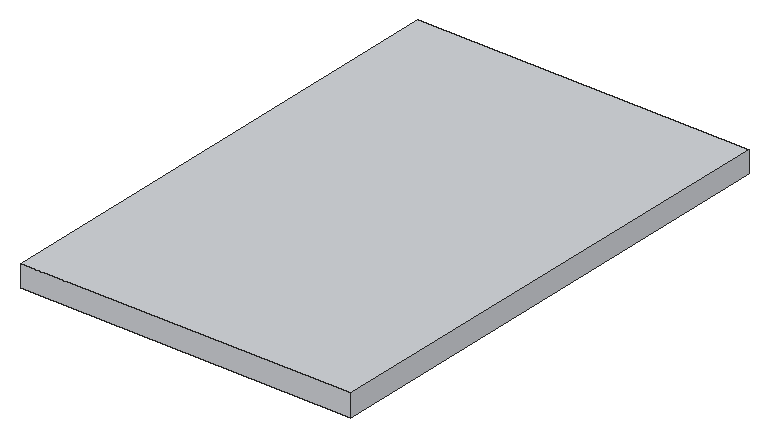
Revit family "CIRQUA-L-1Xxxx-Mx", category Oprawy oświetleniowe, Revit 2019
Family settings
  Obiekt nadrzędny = Powierzchnia
  Wymiar okrągłego złącza = Użyj średnicy
  Typ części = Normalny
  Numer OmniClass = 23.80.70.11
  Tytuł OmniClass = Luminaries for Internal Lighting
  Tnij formami wycięć po wczytaniu = Nie
  Źródło światła = Tak
  Współdzielony = Nie
  Punkt obliczania pomieszczeń = Nie
Parameters (values of type "CIRQUA-L 1X3800-840 M-DA")
  width = 100 mm  # constant formula
  weight = "1,3 kg"  # constant formula
  voltage type (AC, DC, UC) = "AC"
  rated input power = 34
  product name = "CIRQUA-L 1X3800-840 M-DA"
  nominal voltage = "230"
  nominal frequency = "50-60Hz"
  length = 310 mm  # constant formula
  ingress protection (IP) code = "IP20"
  height = 171 mm  # constant formula
  electrical safety class = "1"
  control gear = ""
  conformity mark = "CE"  # constant formula
  brand = "RIDI"
  approval mark = ""
  built-in parameter 1150104 = 13.8 (stored number, unit not read)
  Wattage = 25.5147 W
  Emituj ze średnicy okręgu = 76 mm  # constant formula
  Default Elevation = 0 mm
  built-in parameter 1150113 = 1 (stored number, unit not read)
  built-in parameter 1114218 = 1 (stored number, unit not read)
  URL = "www.ridi.de"
  built-in parameter 1150134 = 12
  built-in parameter 1150109 = 1 (stored number, unit not read)
  built-in parameter 1150110 = 1 (stored number, unit not read)
  Apparent Load = 34 VA
  Tilt Angle = 90.00°
  Model = "0331955AH"
  built-in parameter 1114217 = 1 (stored number, unit not read)
  built-in parameter 1150139 = (empty or 0)
  built-in parameter 1150105 = 17507.7 (stored number, unit not read)
  built-in parameter 1150114 = 1 (stored number, unit not read)
  Lumens = 3790 lm
  built-in parameter 1150115 = 1 (stored number, unit not read)
  built-in parameter 1150112 = 1 (stored number, unit not read)
  Lampa = "LED"
  Producent = "RIDI Leuchten GmbH"  # constant formula
  Dimming Lamp Color Temperature Shift = (empty or 0)
  Color Filter = 16777215
  built-in parameter 1150133 = 10 (stored number, unit not read)
  Emit Shape Visible in Rendering = no
  built-in parameter 1150137 = (empty or 0)
  built-in parameter 1150132 = 2
  Plik sieci fotometrycznej = "CIRQUA-L 1x3200-840 M.IES"
  Copyright = "© RIDI. All rights reserved."  # constant formula
  built-in parameter 1150106 = 175.08 (stored number, unit not read)
  Kod zespołu = "D5020200"
  built-in parameter 1150107 = 4000 (stored number, unit not read)
  built-in parameter 1150102 = (empty or 0)
  built-in parameter 1150138 = (empty or 0)
Types (10, lengths in mm): name | rated input power | product name | Wattage | built-in parameter 1150134 | Apparent Load | Model | built-in parameter 1150105 | Lumens | built-in parameter 1150106 | built-in parameter 1150107
  (no name) | 34 | "CIRQUA-L 1X3800-840 M-DA" | 25.5147 W | 12 | 34 VA | "0331955AH" | 17507.7 (stored number, unit not read) | 3790 lm | 175.08 (stored number, unit not read) | 4000 (stored number, unit not read)
  CIRQUA-L 1X3000-830 M | 26 | "CIRQUA-L 1X3000-830 M" | 20.3983 W | (empty or 0) | 26 VA | "0321963AH" | 241.12 (stored number, unit not read) | 3030 lm | 2.4112 (stored number, unit not read) | 3000 (stored number, unit not read)
  CIRQUA-L 1X3600-830 M | 34 | "CIRQUA-L 1X3600-830 M" | 24.1009 W | (empty or 0) | 34 VA | "0321967AH" | 16537.6 (stored number, unit not read) | 3580 lm | 165.38 (stored number, unit not read) | 3000 (stored number, unit not read)
  CIRQUA-L 1X3600-830 M-DA | 34 | "CIRQUA-L 1X3600-830 M-DA" | 24.1009 W | (empty or 0) | 34 VA | "0331967AH" | 16537.6 (stored number, unit not read) | 3580 lm | 165.38 (stored number, unit not read) | 3000 (stored number, unit not read)
  CIRQUA-L 1X3200-840 M | 26 | "CIRQUA-L 1X3200-840 M" | 21.4754 W | 12 | 26 VA | "0321951AH" | 14736 (stored number, unit not read) | 3190 lm | 147.36 (stored number, unit not read) | 4000 (stored number, unit not read)
  CIRQUA-L 1X3800-840 M | 34 | "CIRQUA-L 1X3800-840 M" | 25.5147 W | 12 | 34 VA | "0321955AH" | 17507.7 (stored number, unit not read) | 3790 lm | 175.08 (stored number, unit not read) | 4000 (stored number, unit not read)
  CIRQUA-L 1X3800-840 M-DA | 34 | "CIRQUA-L 1X3800-840 M-DA" | 25.5147 W | 12 | 34 VA | "0331955AH" | 17507.7 (stored number, unit not read) | 3790 lm | 175.08 (stored number, unit not read) | 4000 (stored number, unit not read)
  CIRQUA-L 1X2600-930 M | 26 | "CIRQUA-L 1X2600-930 M" | 17.5035 W | (empty or 0) | 26 VA | "0321975AH" | 12010.5 (stored number, unit not read) | 2600 lm | 120.11 (stored number, unit not read) | 3000 (stored number, unit not read)
  CIRQUA-L 1X3100-930 M | 34 | "CIRQUA-L 1X3100-930 M" | 20.8022 W | (empty or 0) | 34 VA | "0321979AH" | 14274.1 (stored number, unit not read) | 3090 lm | 142.74 (stored number, unit not read) | 3000 (stored number, unit not read)
  CIRQUA-L 1X3100-930 M-DA | 34 | "CIRQUA-L 1X3100-930 M-DA" | 20.8022 W | (empty or 0) | 34 VA | "0331979AH" | 14274.1 (stored number, unit not read) | 3090 lm | 142.74 (stored number, unit not read) | 3000 (stored number, unit not read)
Reference planes
  plane 1 "Mitte (Vorne/hinten)": y = 0
  plane 2: z = 24.176
  plane 3 "Mitte (Links/rechts)": x = 22
  plane 4: z = 0
Forms (mm)
  Extrusion 1, solid
    sketch origin (219.2, 280.8, 0) x (1, 0, 0) y (0, 1, 0)
      loop
        line (-1219.2, 1219.2) -> (-1219.2, -1780.8) -> (780.8, -1780.8) -> (780.8, 1219.2) -> (-1219.2, 1219.2)
    from 24.176 to -107.307
Dimensions and locks
  aligned and locked: plane 2 to Extrusion 1
Connectors
  electrical at (-103.767, 0, 25.176), driven by "Apparent Load"
    settings: on import instance, index 1, voltage 230 V, apparent load 0 VA, apparent load phase1 34 VA, apparent load phase2 0 VA, apparent load phase3 0 VA, power factor 1, load classification "Lighting", number of poles 1, system type 31, power factor state 1, is connector primary yes, connector utility no, sub classification motor no, connector description ""
